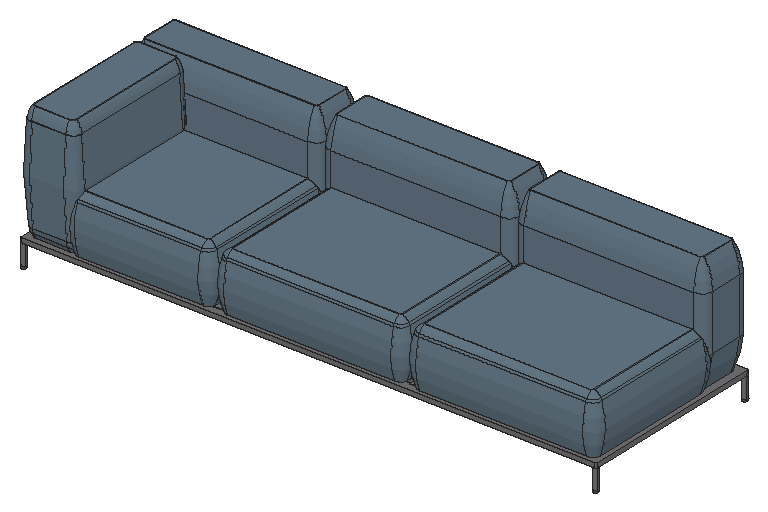
Revit family "Haworth_Mex-Hi_Sofa_Wide_OneArm", category Furniture, Revit 2018 (continued)
Definition of nested family "Haworth_Mex-Hi_Sofa_Base-PART"
  Lines and regions (in)
    symbolic lines
      curve 41: line (-57.4682, 4.4803, 0) -> (-24.801, 4.4803, 0)
      curve 42: line (-57.4682, 3.20078, 0) -> (-57.4682, 4.4803, 0)
      curve 43: line (-24.801, 3.20078, 0) -> (-57.4682, 3.20078, 0)
      curve 44: line (-24.801, 4.4803, 0) -> (-24.801, 3.20078, 0)
      curve 45: line (11.38011, 3.20078, 0) -> (-23.61989, 3.20078, 0)
      curve 46: line (11.38011, 4.4803, 0) -> (11.38011, 3.20078, 0)
      curve 47: line (-23.61989, 4.4803, 0) -> (11.38011, 4.4803, 0)
      curve 49: line (45.28743, 3.20078, 0) -> (12.56121, 3.20078, 0)
      curve 50: line (45.28743, 4.4803, 0) -> (45.28743, 3.20078, 0)
      curve 51: line (12.56121, 4.4803, 0) -> (45.28743, 4.4803, 0)
      curve 52: line (12.56121, 3.20078, 0) -> (12.56121, 4.4803, 0)
    symbolic lines, visible <- "Three Seats"
      curve 24: line (12.56121, -27.40946, 0) -> (12.56121, 4.4803, 0)
      curve 26: line (11.38011, -27.40946, 0) -> (11.38011, 4.4803, 0)
      curve 34: line (-24.801, 4.4803, 0) -> (-24.801, -27.40946, 0)
      curve 48: line (-23.61989, -27.40946, 0) -> (-23.61989, 4.4803, 0)
    symbolic lines, visible <- "Two Seats"
      curve 53: line (-6.6827, 6.04866, 0) -> (-5.5016, 6.04866, 0)
      curve 54: line (-6.6827, -27.40946, 0) -> (-6.6827, 6.04866, 0)
      curve 55: line (-5.5016, -27.40946, 0) -> (-6.6827, -27.40946, 0)
      curve 56: line (-5.5016, 6.04866, 0) -> (-5.5016, -27.40946, 0)
  Dimensions and locks (in)
    equal spacing: plane 8 "Left", plane 2 "Center L/R", plane 7 "Right"
    "Actual Width": plane 8 "Left" to plane 7 "Right"
    equal spacing: plane 5 "Back", plane 3 "Center F/B", plane 6 "Front"
    "Actual Depth": plane 5 "Back" to plane 6 "Front"
    "Actual Height": plane 4 "Top" to plane 1
    plane 18 to plane 19 to plane 20 to plane 22 to plane 6 "Front" = 1.1811" locked, 1.27726" locked, 1.57434" locked, 0.2662" locked
    plane 5 "Back" to plane 21 to plane 13 to plane 14 to plane 15 to plane 16 to plane 17 = 0.20134" locked, 1.56835" locked, 1.27953" locked, 1.1811" locked, 6.69291" locked, 1.1811" locked
    plane 30 to plane 3 "Center F/B" to plane 29 = 6.23753" locked, 5.57481" locked
    plane 31 to plane 2 "Center L/R" to plane 32 = 0.56281" locked, 0.61829" locked
    plane 10 to plane 27 to plane 9 = 0.58679" locked, 0.59431" locked
    plane 12 to plane 28 to plane 11 = 0.59055" locked, 0.59055" locked
    plane 24 to plane 25 to plane 7 "Right" = 1.5708" locked, 0.17188" locked
    plane 8 "Left" to plane 26 to plane 23 = 0.22736" locked, 1.57433" locked
    plane 9 to plane 24 = 32.72622"
    plane 23 to plane 12 = 32.6672"
    aligned and locked: Extrusion 1 to plane 13
    aligned and locked: plane 14 to Extrusion 1
    aligned and locked: Extrusion 1 to plane 15
    aligned and locked: plane 16 to Extrusion 1
    aligned and locked: Extrusion 1 to plane 17
    aligned and locked: plane 18 to Extrusion 1
    aligned and locked: Extrusion 1 to plane 19
    aligned and locked: Extrusion 1 to plane 20
    aligned and locked: plane 26 to Extrusion 1  (x2)
    aligned and locked: Extrusion 1 to plane 23  (x4)
    aligned and locked: Extrusion 1 to plane 25  (x2)
    aligned and locked: plane 24 to Extrusion 1  (x4)
    aligned and locked: curve 2 to plane 26
    aligned and locked: plane 21 to Extrusion 1
    aligned and locked: plane 14 to curve 43
    aligned and locked: plane 15 to curve 39
    aligned and locked: curve 37 to plane 16
    aligned and locked: curve 35 to plane 17
    aligned and locked: plane 18 to curve 33
    aligned and locked: plane 19 to curve 7
    aligned and locked: plane 20 to curve 5
    aligned and locked: plane 23 to curve 6
    aligned and locked: curve 36 to plane 23
    aligned and locked: plane 23 to curve 38
    aligned and locked: curve 42 to plane 23
    aligned and locked: plane 12 to curve 44
    aligned and locked: curve 40 to plane 12
    aligned and locked: curve 8 to plane 12
    aligned and locked: curve 12 to plane 11
    aligned and locked: curve 30 to plane 11
    aligned and locked: plane 11 to curve 28
    aligned and locked: plane 10 to curve 46
    aligned and locked: curve 26 to plane 10
    aligned and locked: plane 10 to curve 32
    aligned and locked: plane 10 to curve 10
    aligned and locked: curve 14 to plane 9
    aligned and locked: curve 20 to plane 9
    aligned and locked: curve 52 to plane 9
    aligned and locked: plane 24 to curve 50
    aligned and locked: plane 24 to curve 22
    aligned and locked: plane 24 to curve 18
    aligned and locked: plane 24 to curve 16
    aligned and locked: plane 25 to curve 4
    aligned and locked: Extrusion 1 to plane 22
    aligned and locked: curve 15 to plane 20
    aligned and locked: curve 13 to plane 19
    aligned and locked: plane 18 to curve 17
    aligned and locked: curve 19 to plane 17
    aligned and locked: plane 16 to curve 21
    aligned and locked: curve 23 to plane 15
    aligned and locked: plane 14 to curve 49
    aligned and locked: curve 51 to plane 13
    aligned and locked: curve 1 to plane 21
    aligned and locked: curve 47 to plane 13
    aligned and locked: plane 14 to curve 45
    aligned and locked: plane 15 to curve 25
    aligned and locked: curve 27 to plane 16
    aligned and locked: curve 29 to plane 17
    aligned and locked: plane 18 to curve 31
    aligned and locked: curve 11 to plane 19
    aligned and locked: curve 9 to plane 20
    aligned and locked: plane 22 to curve 3
    aligned and locked: plane 15 to nested 1
    aligned and locked: plane 15 to nested 5
    aligned and locked: plane 15 to nested 6
    aligned and locked: plane 15 to nested 11
    aligned and locked: plane 15 to nested 17
    aligned and locked: plane 15 to nested 12
    aligned and locked: plane 17 to nested 18
    aligned and locked: plane 17 to nested 16
    aligned and locked: plane 17 to nested 13
    aligned and locked: plane 17 to nested 10
    aligned and locked: plane 17 to nested 7
    aligned and locked: plane 17 to nested 2
    aligned and locked: plane 17 to nested 19
    aligned and locked: nested 3 to plane 18
    aligned and locked: nested 4 to plane 18
    aligned and locked: nested 8 to plane 18
    aligned and locked: nested 9 to plane 18
    aligned and locked: nested 15 to plane 18
    aligned and locked: nested 14 to plane 18
    aligned and locked: nested 4 to Extrusion 1
    aligned and locked: Extrusion 1 to Extrusion 4  (x2)
    aligned and locked: Extrusion 4 to plane 32
    aligned and locked: plane 31 to Extrusion 4
    aligned and locked: plane 32 to Extrusion 4 sketch curve
    aligned and locked: Extrusion 4 sketch curve to plane 31
    aligned and locked: Extrusion 4 sketch curve to plane 21
    aligned and locked: Extrusion 4 sketch curve to plane 20
    aligned and locked: plane 9 to Extrusion 6 sketch curve
    aligned and locked: Extrusion 6 sketch curve to plane 10
    aligned and locked: Extrusion 6 sketch curve to plane 21
    aligned and locked: Extrusion 6 sketch curve to plane 20
    aligned and locked: plane 11 to Extrusion 5 sketch curve
    aligned and locked: Extrusion 5 sketch curve to plane 12
    aligned and locked: Extrusion 5 sketch curve to plane 21
    aligned and locked: Extrusion 5 sketch curve to plane 20
    aligned and locked: plane 29 to Extrusion 7 sketch curve
    aligned and locked: plane 2 "Center L/R" to Extrusion 7 sketch curve  (x2)
    aligned and locked: plane 30 to Extrusion 7 sketch curve
    aligned and locked: Extrusion 3 to Extrusion 7
    aligned and locked: plane 29 to Extrusion 8 sketch curve
    aligned and locked: plane 2 "Center L/R" to Extrusion 8 sketch curve  (x2)
    aligned and locked: plane 30 to Extrusion 8 sketch curve
    aligned and locked: Extrusion 8 to Extrusion 1
    aligned and locked: plane 29 to Extrusion 9 sketch curve  (x2)
    aligned and locked: plane 30 to Extrusion 9 sketch curve  (x2)
    aligned and locked: plane 28 to Extrusion 9 sketch curve  (x2)
    aligned and locked: plane 27 to Extrusion 9 sketch curve  (x2)
    aligned and locked: Extrusion 9 to Extrusion 1
    aligned and locked: plane 28 to Extrusion 10 sketch curve  (x2)
    aligned and locked: plane 27 to Extrusion 10 sketch curve  (x2)
    aligned and locked: plane 30 to Extrusion 10 sketch curve  (x2)
    aligned and locked: plane 29 to Extrusion 10 sketch curve  (x2)
    aligned and locked: Extrusion 10 to Extrusion 7
  Automatic sketch dimensions
    Extrusion 1 sketch curve to plane 26 = 0.00"
    Extrusion 1 sketch curve to plane 21 = 0.00"
    Extrusion 1 sketch curve to plane 22 = 0.00"
    plane 20 to Extrusion 1 sketch curve = 0.00"
    Extrusion 1 sketch curve to plane 23 = 0.00"  (x4)
    Extrusion 1 sketch curve to plane 18 = 0.00"
    Extrusion 1 sketch curve to plane 13 = 0.00"
    Extrusion 1 sketch curve to plane 16 = 0.00"
    Extrusion 1 sketch curve to plane 24 = 0.00"  (x4)
    Extrusion 1 sketch curve to plane 14 = 0.00"
    Extrusion 1 sketch curve to plane 15 = 0.00"
    Extrusion 1 sketch curve to plane 25 = 0.00"
    Extrusion 1 sketch curve to plane 19 = 0.00"
    Extrusion 1 sketch curve to plane 17 = 0.00"
    Extrusion 1 sketch curve to Extrusion 1 sketch curve = 0.37614"
    plane 22 to Extrusion 1 sketch curve = 0.38594"
    plane 25 to Extrusion 1 sketch curve = 0.37614"
    Extrusion 1 sketch curve to Extrusion 1 sketch curve = 0.28319"
    Extrusion 2 sketch curve to plane 26 = 0.39651"
    Extrusion 2 sketch curve to plane 26 = 0.3937"
    plane 25 to Extrusion 2 sketch curve = 0.38769"
    plane 25 to Extrusion 2 sketch curve = 0.3846"
    plane 22 to Extrusion 2 sketch curve = 0.39739"
    plane 22 to Extrusion 2 sketch curve = 0.39471"
    Extrusion 2 sketch curve to plane 21 = 0.38803"
    Extrusion 2 sketch curve to plane 21 = 0.38772"
    Extrusion 3 sketch curve to plane 26 = 0.3937"  (x2)
    plane 25 to Extrusion 3 sketch curve = 0.39041"
    plane 25 to Extrusion 3 sketch curve = 0.38669"
    plane 22 to Extrusion 3 sketch curve = 0.39311"
    plane 22 to Extrusion 3 sketch curve = 0.39131"
    Extrusion 3 sketch curve to plane 21 = 0.38772"  (x2)
    plane 20 to curve 55 = 0.00"
    curve 55 to plane 31 = 0.00"
    curve 55 to plane 32 = 0.00"
    curve 44 to plane 13 = 0.00"
    curve 53 to plane 21 = 0.00"
    radius of Extrusion 2 sketch curve = 0.41206"  (x4)
    radius of Extrusion 3 sketch curve = 0.49213"  (x4)
    radius of Extrusion 7 sketch curve = 0.49213"  (x2)
    radius of Extrusion 8 sketch curve = 0.41206"  (x2)
    radius of Extrusion 9 sketch curve = 0.41206"  (x4)
    radius of Extrusion 10 sketch curve = 0.49213"  (x4)
  Nested families (in)
    nested 1: "Haworth_Mex-Hi_Sofa_Knob-PART" at (-49.35041, 13.65777, 0), visible <- "Three Seats", type "Knob - PART"
    nested 2: "Haworth_Mex-Hi_Sofa_Knob-PART" at (-49.35041, 5.78375, 0), visible <- "Three Seats", type "Knob - PART"
    nested 3: "Haworth_Mex-Hi_Sofa_Knob-PART" at (-49.35041, -14.04791, 0), visible <- "Three Seats", type "Knob - PART"
    nested 4: "Haworth_Mex-Hi_Sofa_Knob-PART" at (-41.10041, -14.04791, 0.00098), type "Knob - PART"
    nested 5: "Haworth_Mex-Hi_Sofa_Knob-PART" at (-21.10041, 13.65777, 0), type "Knob - PART"
    nested 6: "Haworth_Mex-Hi_Sofa_Knob-PART" at (-13.66357, 13.65777, 0), type "Knob - PART"
    nested 7: "Haworth_Mex-Hi_Sofa_Knob-PART" at (-13.66357, 5.78375, 0), type "Knob - PART"
    nested 8: "Haworth_Mex-Hi_Sofa_Knob-PART" at (-13.66357, -14.04791, 0), type "Knob - PART"
    nested 9: "Haworth_Mex-Hi_Sofa_Knob-PART" at (14.33643, -14.04791, 0), type "Knob - PART"
    nested 10: "Haworth_Mex-Hi_Sofa_Knob-PART" at (14.33643, 5.78375, 0), type "Knob - PART"
    nested 11: "Haworth_Mex-Hi_Sofa_Knob-PART" at (14.33643, 13.65777, 0), type "Knob - PART"
    nested 12: "Haworth_Mex-Hi_Sofa_Knob-PART" at (21.51753, 13.65777, 0), type "Knob - PART"
    nested 13: "Haworth_Mex-Hi_Sofa_Knob-PART" at (21.51753, 5.78375, 0), type "Knob - PART"
    nested 14: "Haworth_Mex-Hi_Sofa_Knob-PART" at (21.51753, -14.04791, 0), type "Knob - PART"
    nested 15: "Haworth_Mex-Hi_Sofa_Knob-PART" at (41.58464, -14.04791, 0), type "Knob - PART"
    nested 16: "Haworth_Mex-Hi_Sofa_Knob-PART" at (41.58464, 5.78375, 0), type "Knob - PART"
    nested 17: "Haworth_Mex-Hi_Sofa_Knob-PART" at (49.58464, 13.65777, 0), visible <- "Three Seats", type "Knob - PART"
    nested 18: "Haworth_Mex-Hi_Sofa_Knob-PART" at (49.58464, 5.78375, 0), visible <- "Three Seats", type "Knob - PART"
    nested 19: "Haworth_Mex-Hi_Sofa_Knob-PART" at (-41.10041, 5.78375, 0), type "Knob - PART"
  Definition of nested family "Haworth_Mex-Hi_Sofa_Knob-PART"
    Parameters (values of type "Knob - PART")
      Warranty = "http://www.haworth.com/resources/product-info/warranties"
      URL - Product = "https://www.haworth.com/na/en/products/lounge-sofas/ottomans/mex-hi-seating.html"
      URL = "https://www.haworth.com/na/en/about/brands/haworth-collection.html"
      Trim Finish = none
      Sustainability Info = "https://www.haworth.com/na/en/expertise/sustainability.html"
      Size = "Verify Final Dim. w/ Haworth"  # constant formula
      Revision Number = "1"  # constant formula
      Model = "Haworth - Cassina - Mex-Hi"  # constant formula
      Manufacturer = "Haworth"  # constant formula
      Description = "Haworth - Cassina - Mex-Hi - Sofa - Knob - PART"  # constant formula
      Author = "Haworth (Abd Rahman)"  # constant formula
      Assembly Code = "E2020200"
      Actual Width = 1.67"  # constant formula
      Actual Height = 4.08"  # constant formula
      Actual Depth = 1.47"  # constant formula
    Reference planes (in)
      plane 1: z = 0
      plane 2 "Center L/R": x = -6.1322
      plane 3 "Top": z = 4.08
      plane 4: x = -5.2972
      plane 5: x = -6.9672
      plane 6: y = -10.90319
      plane 7: y = -12.373
      plane 8: y = -11.6381
    Forms (in)
      Extrusion 1, solid, material <- "Trim Finish"
        sketch origin (0, 0, 0) x (1, 0, 0) y (0, 1, 0)
          loop
            arc (-6.96571, -11.20052) -> (-6.96593, -11.22622) -> (-6.95004, -11.24643) r 0.03882
            arc (-6.95004, -11.24643) -> (-6.5066, -11.70956) -> (-6.32724, -12.32516) r 1.34831
            arc (-6.32724, -12.32516) -> (-6.31768, -12.34902) -> (-6.29531, -12.36168) r 0.03882
            arc (-6.29531, -12.36168) -> (-6.12907, -12.37648) -> (-5.96283, -12.36168) r 0.94089
            arc (-5.96283, -12.36168) -> (-5.93846, -12.34653) -> (-5.93115, -12.31878) r 0.03882
            arc (-5.93115, -12.31878) -> (-5.74775, -11.6992) -> (-5.2972, -11.23603) r 1.34873
            arc (-5.2972, -11.23603) -> (-5.29048, -11.21886) -> (-5.29243, -11.20052) r 0.03882
            arc (-5.29243, -11.20052) -> (-5.36273, -11.04915) -> (-5.45867, -10.91258) r 0.94086
            arc (-5.45867, -10.91258) -> (-5.48082, -10.89954) -> (-5.50626, -10.90319) r 0.03882
            arc (-5.50626, -10.90319) -> (-6.12907, -11.05565) -> (-6.75188, -10.90319) r 1.34833
            arc (-6.75188, -10.90319) -> (-6.77732, -10.89954) -> (-6.79947, -10.91258) r 0.03882
            arc (-6.79947, -10.91258) -> (-6.89541, -11.04915) -> (-6.96571, -11.20052) r 0.94087
        from 3.49028 to 3.88235
      Extrusion 2, solid, material <- "Trim Finish"
        sketch origin (0, 0, 0) x (1, 0, 0) y (0, 1, 0)
          loop
            circle (-6.1322, -11.5) r 0.37215
        from 3.88235 to 4.08098
    Cuts and joins
      joined: Extrusion 1, Extrusion 2
    Lines and regions (in)
      symbolic lines
        curve 1: arc (-5.50626, -10.90319, 0) -> (-6.12907, -11.05565, 0) -> (-6.75188, -10.90319, 0) r 1.34833
        curve 2: arc (-5.45867, -10.91258, 0) -> (-5.48082, -10.89954, 0) -> (-5.50626, -10.90319, 0) r 0.03882
        curve 3: arc (-5.29243, -11.20052, 0) -> (-5.36273, -11.04915, 0) -> (-5.45867, -10.91258, 0) r 0.94086
        curve 4: arc (-5.2972, -11.23603, 0) -> (-5.29048, -11.21886, 0) -> (-5.29243, -11.20052, 0) r 0.03882
        curve 5: arc (-5.93115, -12.31878, 0) -> (-5.74775, -11.6992, 0) -> (-5.2972, -11.23603, 0) r 1.34873
        curve 6: arc (-5.96283, -12.36168, 0) -> (-5.93846, -12.34653, 0) -> (-5.93115, -12.31878, 0) r 0.03882
        curve 7: arc (-6.29531, -12.36168, 0) -> (-6.12907, -12.37648, 0) -> (-5.96283, -12.36168, 0) r 0.94089
        curve 8: arc (-6.32724, -12.32516, 0) -> (-6.31768, -12.34902, 0) -> (-6.29531, -12.36168, 0) r 0.03882
        curve 9: arc (-6.95004, -11.24643, 0) -> (-6.5066, -11.70956, 0) -> (-6.32724, -12.32516, 0) r 1.34831
        curve 10: arc (-6.96571, -11.20052, 0) -> (-6.96593, -11.22622, 0) -> (-6.95004, -11.24643, 0) r 0.03882
        curve 11: arc (-6.79947, -10.91258, 0) -> (-6.89541, -11.04915, 0) -> (-6.96571, -11.20052, 0) r 0.94087
        curve 12: arc (-6.75188, -10.90319, 0) -> (-6.77732, -10.89954, 0) -> (-6.79947, -10.91258, 0) r 0.03882
    Dimensions and locks (in)
      equal spacing: plane 7, plane 8, plane 6
      plane 6 to plane 7 = 1.46981"
      equal spacing: plane 5, plane 2 "Center L/R", plane 4
      "Actual Width": plane 5 to plane 4
      "Actual Height": plane 3 "Top" to level
    Automatic sketch dimensions
      Extrusion 1 sketch curve to plane 2 "Center L/R" = 0.15625"
      Extrusion 1 sketch curve to plane 2 "Center L/R" = 0.6376"
      Extrusion 1 sketch curve to Extrusion 1 sketch curve = 0.15938"  (x2)
      Extrusion 1 sketch curve to plane 2 "Center L/R" = 1.54206"
      Extrusion 1 sketch curve to plane 2 "Center L/R" = 0.04533"
      Extrusion 1 sketch curve to Extrusion 1 sketch curve = 0.04847"
      plane 2 "Center L/R" to Extrusion 1 sketch curve = 0.00314"
      Extrusion 1 sketch curve to Extrusion 1 sketch curve = 0.09695"
      Extrusion 1 sketch curve to Extrusion 1 sketch curve = 0.31877"
      plane 2 "Center L/R" to Extrusion 1 sketch curve = 0.64387"
      Extrusion 1 sketch curve to Extrusion 1 sketch curve = 0.74511"
      Extrusion 1 sketch curve to Extrusion 1 sketch curve = 0.00"  (x11)
      Extrusion 1 sketch curve to Extrusion 1 sketch curve = 0.00001"
      Extrusion 1 sketch curve to Extrusion 1 sketch curve = 0.08398"
      Extrusion 1 sketch curve to Extrusion 1 sketch curve = 0.27606"  (x2)
      Extrusion 1 sketch curve to Extrusion 1 sketch curve = 1.2303"
      Extrusion 1 sketch curve to plane 2 "Center L/R" = 0.16311"
      Extrusion 1 sketch curve to Extrusion 1 sketch curve = 0.01793"
      Extrusion 2 sketch curve to plane 2 "Center L/R" = 0.00"
      plane 6 to Extrusion 1 sketch curve = 0.00"  (x2)
      Extrusion 1 sketch curve to plane 4 = 0.00"
      plane 6 to Extrusion 1 sketch curve = 0.5324"
      plane 7 to Extrusion 1 sketch curve = 0.04953"
      Extrusion 1 sketch curve to plane 7 = 0.01071"
      plane 6 to Extrusion 2 sketch curve = 0.59681"
      plane 6 to curve 1 = 0.00"  (x2)
      plane 6 to curve 2 = 0.00"
      plane 2 "Center L/R" to curve 1 = 0.00314"
      plane 6 to curve 2 = 0.03443"
      plane 4 to curve 2 = 0.19113"
      curve 1 to plane 6 = 1.19587"
      plane 6 to curve 2 = 0.00939"
      curve 3 to plane 2 "Center L/R" = 0.04533"
      curve 3 to curve 2 = 0.00"
      curve 3 to plane 4 = 0.00477"
      curve 4 to plane 4 = 0.00"
      plane 4 to curve 4 = 0.03174"
      curve 4 to curve 3 = 0.00"
      curve 5 to plane 7 = 0.00766"
      curve 5 to plane 4 = 0.71336"
      plane 7 to curve 5 = 0.05423"
      curve 6 to curve 5 = 0.03853"
      curve 6 to curve 5 = 0.0047"
      plane 7 to curve 6 = 0.01132"
      plane 2 "Center L/R" to curve 7 = 0.00314"
      plane 7 to curve 7 = 0.01132"
      curve 7 to plane 2 "Center L/R" = 0.16311"
      curve 7 to curve 8 = 0.00686"
      curve 8 to curve 8 = 0.03878"
      curve 8 to curve 7 = 0.00"
      curve 9 to plane 7 = 0.01071"
      curve 9 to plane 5 = 0.01716"
      curve 9 to curve 8 = 0.00"
      curve 10 to plane 5 = 0.03801"
      curve 10 to plane 5 = 0.0015"
      curve 10 to curve 9 = 0.00"
      plane 2 "Center L/R" to curve 11 = 0.05162"
      curve 11 to curve 10 = 0.00"
      plane 6 to curve 11 = 0.00939"
      plane 6 to curve 12 = 0.00"
      radius of Extrusion 2 sketch curve = 0.37215"
Types (2): name | Two Seats Wide | Three Seats Wide | Description | Actual Width
  Three Seat Sofa | no | yes | "Haworth - Cassina - Mex-Hi - Sofa - With One Arm - Wide Three Seat" | 106.30"
  Two Seat Sofa | yes | no | "Haworth - Cassina - Mex-Hi - Sofa - With One Arm - Wide Two Seat" | 86.60"
